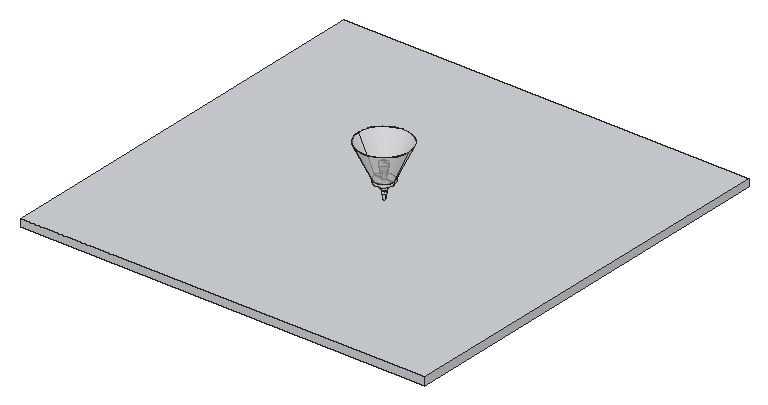
Revit family "11", category Lighting Fixtures, host Face, Revit 2014
Parameters (values of type "P500324-104")
  Watts = 60 W
  Wattage Comments = "60"
  Wattage = 60 W
  Warranty = "1 year Warranty"  # constant formula
  built-in parameter 1150110 = 1 (stored number, unit not read)
  Voltage = 120 V
  URL = "https://www.hubbell.com/progresslighting/en"
  built-in parameter 1114217 = 1 (stored number, unit not read)
  Tilt Angle = -90.00°
  built-in parameter 1150109 = 1 (stored number, unit not read)
  built-in parameter 1150134 = 3
  built-in parameter 1150113 = 1 (stored number, unit not read)
  Product Link = "https://www.hubbell.com/progresslighting/en/Products/Lighting-Controls/Residential-Indoor-Lighting/Pendants/Pendants-Lights/Hinton-Collection-1-Light-Polished-Nickel-Clear-Seeded-Glass-Vintage-Pendant-Hanging-Light/p/6643567"
  Product Documentation Link = "https://hubbellcdn.com/specsheet/PROG_P500324-104_spec.pdf"
  Power Factor = 1
  Photometric Web File = "generic.ies"
  Model = "P500324-104"  # constant formula
  Manufacturer = "Progress Lighting"  # constant formula
  built-in parameter 1150105 = 381.97 (stored number, unit not read)
  Lumens = 4800 lm
  built-in parameter 1150115 = 1 (stored number, unit not read)
  Load Classification = Lighting
  built-in parameter 1150137 = (empty or 0)
  built-in parameter 1150139 = (empty or 0)
  Gold = Hubbell - Gold
  Glass = Paint - Hubbell - White Texture
  Square = 12.00"
  built-in parameter 1150112 = 1 (stored number, unit not read)
  built-in parameter 1150114 = 1 (stored number, unit not read)
  Lamp = "LED or Medium Base"  # constant formula
  built-in parameter 1150132 = (empty or 0)
  built-in parameter 1150102 = (empty or 0)
  built-in parameter 1150107 = 3200 (stored number, unit not read)
  built-in parameter 1150138 = (empty or 0)
  built-in parameter 1150106 = 3.8197 (stored number, unit not read)
  Housing Material = Paint - Hubbell - Light Silver
  Fixture distribution = "Direct"  # constant formula
  Features = "Application: Embrace stylish simplicity with the Hinton Collection 1-Light Polished Nickel Clear Seeded Glass Vintage Hanging Pendant Light is ideal for any foyer, dining room, kitchen, breakfast nook, entryway, living room, or stairway.\r\nStyles: Perfect for farmhouse, transitional, and vintage electric style settings.\r\nFinish: The circular ceiling plate and industrial light base are coated in a crisp polished chrome finish.\r\nMaterials: Constructed from steel to ensure a long product lifespan.\r\nGlass/Shades: A light source glows from inside a clear seeded glass shade that provides effective task lighting wherever focused illumination is called upon.\r\nBulbs: For ideal illumination, use 1 medium base bulb that is sold separately (60w max - LED/CFL/incandescent). Compatible with dimmable bulbs.\r\nDimensions: Measures 12-inch diameter by 12-1/2-inch height.\r\nCertifications: cULus damp location listed.\r\nPairs With: Pairs with a variety of Progress Lighting fixtures.\r\nWarranty: Our 1-Year Limited Warranty guarantees your complete satisfaction with your purchase and includes professional after-sales customer service support."  # constant formula
  Height = 11.00"
  built-in parameter 1150104 = 7.4322 (stored number, unit not read)
  Dimming Lamp Color Temperature Shift = <None>
  Description = "Embrace stylish simplicity with the Hinton Collection 1-Light Polished Nickel Clear Seeded Glass Vintage Hanging Pendant Light. The circular ceiling plate and industrial light base are coated in a crisp polished chrome finish. A light source glows from inside a clear seeded glass shade that provides effective task lighting wherever focused illumination is called upon."  # constant formula
  Default Elevation = 48.00"
  Copyright = " ©2020 Progress Lighting, a division of Hubbell Lighting, Inc"  # constant formula
  Contact = "https://www.hubbell.com/progresslighting/en/contactUs"
  Connector Description = "Lighting Connector"  # constant formula
  Color Filter = 16777215
  built-in parameter 1114218 = 1 (stored number, unit not read)
  built-in parameter 1150133 = 10 (stored number, unit not read)
  Assembly Code = "D5020200"
  Apparent Load = Watts / Power Factor  # 60 VA
Reference planes (in)
  plane 1 "Center (Front/Back)": y = 0
  plane 2: z = 0.5561
  plane 3 "Center (Left/Right)": x = 0
  plane 4: x = -6
  plane 5: x = 6
  plane 6: z = 14.5561
  plane 7: y = -5.5
  plane 8: y = 5.5
  plane 9: z = 12.5561
Forms (in)
  Extrusion 1, solid
    sketch origin (0, 0, 0) x (1, 0, 0) y (0, 1, 0)
      loop
        line (-48, 48) -> (-48, -48) -> (48, -48) -> (48, 48) -> (-48, 48)
    from 0.5561 to -1.25
  Revolve 2, solid, material "Paint - Hubbell - Light Silver" <- "Housing Material"
    sketch origin (0.00307, -0.00024, -2.52627) x (-1, 0, 0) y (0, 0, -1)
      loop
        line (0.00307, -3.58418) -> (0.00307, -3.08238) -> (0.30363, -3.08238) -> (0.30363, -4.20918)
        arc (0.30363, -4.20918) -> (0.55363, -4.45918) -> (0.30363, -4.70918) r 0.25
        line (0.30363, -4.70918) -> (0.30363, -5.33418) -> (0.75333, -5.33418) -> (0.75333, -6.68773) -> (2.25333, -6.68773) -> (2.25333, -7.18773) -> (0.50333, -7.18773) -> (0.50333, -7.43773) -> (0, -7.43773) -> (0, -3.58418)
      axis (0, -7.43773) -> (0, -3.08238)
    angle from 0 to 360
  Revolve 3, solid, material "Paint - Hubbell - White Texture"
    sketch origin (0.00307, -0.00024, -2.52627) x (-1, 0, 0) y (0, 0, -1)
      loop
        line (0, -7.43773) -> (0, -11.05003)
        arc (0, -11.05003) -> (0.08426, -11.02863) -> (0.15482, -10.97783) r 0.23304
        arc (0.15482, -10.97783) -> (0.27197, -10.95733) -> (0.37725, -10.90201) r 0.38452
        spline (0.37725, -10.90201) -> (0.55783, -10.86565) -> (0.69306, -10.83874) -> (0.79249, -10.8173) -> (0.86567, -10.79732) -> (0.92213, -10.7748) -> (0.96967, -10.74642) -> (1.01039, -10.71107) -> (1.04531, -10.66809) -> (1.07537, -10.61677) -> (1.09858, -10.55417) -> (1.10802, -10.47352) -> (1.09627, -10.36772)
        line (1.09627, -10.36772) -> (0.52673, -7.43773) -> (0, -7.43773)
      axis (0, -11.05003) -> (0, -7.43773)
    angle from 0 to 360
  Revolve 4, solid, material "Paint - Hubbell - White Texture" <- "Glass"
    sketch origin (0.00307, -0.00024, -2.52627) x (-1, 0, 0) y (0, 0, -1)
      loop
        line (0, -7.43773) -> (-0.14062, -7.43773) -> (-0.14062, -7.68773) -> (-0.3174, -7.86451) -> (-0.3174, -8.11451) -> (-0.0674, -8.11451) -> (-0.0674, -10.36451) -> (-0.0674, -10.55091)
        arc (-0.0674, -10.55091) -> (-0.07712, -10.57767) -> (-0.10174, -10.59197) r 0.04171
        arc (-0.10174, -10.59197) -> (-0.13207, -10.62395) -> (-0.11058, -10.66244) r 0.0372
        line (-0.11058, -10.66244) -> (0, -10.66244) -> (0, -10.56087) -> (0, -7.43773)
      axis (0, -7.43773) -> (0, -10.66244)
    angle from 0 to 360
  Revolve 5, solid, material "Hubbell - Gold" <- "Gold"
    sketch origin (0.00307, -0.00024, -2.52627) x (-1, 0, 0) y (0, 0, -1)
      loop
        line (-0.47346, -8.28115) -> (-0.51834, -8.28115) -> (-0.66329, -10.35395) -> (-0.61841, -10.35395) -> (-0.47346, -8.28115)
      axis (-0.61862, -10.35707) -> (-0.47346, -8.28115)
    angle from 0 to 360
  Revolve 6, solid, material "Hubbell - Gold" <- "Gold"
    sketch origin (0.00307, -0.00024, -2.52627) x (1, 0, 0) y (0, 0, 1)
      loop
        line (-0.47346, 8.28115) -> (-0.62235, 10.41041) -> (-0.66723, 10.41041) -> (-0.51834, 8.28115) -> (-0.47346, 8.28115)
      axis (-0.62257, 10.41353) -> (-0.47346, 8.28115)
    angle from 0 to 360
  Revolve 7, solid, material "Hubbell - Gold" <- "Gold"
    sketch origin (0.00307, -0.00024, -2.52627) x (0, 1, 0) y (0, 0, -1)
      loop
        line (-0.47346, -8.28115) -> (-0.51834, -8.28115) -> (-0.66522, -10.38161) -> (-0.62034, -10.38161) -> (-0.47346, -8.28115)
      axis (-0.62056, -10.38473) -> (-0.47346, -8.28115)
    angle from 0 to 360
  Revolve 8, solid, material "Hubbell - Gold" <- "Gold"
    sketch origin (0.00307, -0.00024, -2.52627) x (0, -1, 0) y (0, 0, 1)
      loop
        line (-0.47346, 8.28115) -> (-0.62117, 10.39346) -> (-0.66605, 10.39346) -> (-0.51834, 8.28115) -> (-0.47346, 8.28115)
      axis (-0.62139, 10.39659) -> (-0.47346, 8.28115)
    angle from 0 to 360
  Sweep 9, solid, material "Paint - Hubbell - White Texture" <- "Glass"
    path origin (-0.0135, -0.00024, -3.02627) x (-1, 0, 0) y (0, 0, -1)
      loop
        line (0.61067, -10.88516) -> (0.61067, -10.98257)
        arc (0.61067, -10.98257) -> (0.57513, -11.06837) -> (0.48933, -11.10391) r 0.12134
        line (0.48933, -11.10391) -> (0.04812, -11.10391)
    profile origin (-0.62417, -0.00024, 7.90759) x (-1, 0, 0) y (0, -1, 0)
      loop
        circle (0, 0.00095) r 0.031
  Sweep 10, solid, material "Paint - Hubbell - White Texture" <- "Glass"
    path origin (0.01964, -0.00024, -3.02627) x (1, 0, 0) y (0, 0, 1)
      loop
        line (0.61067, 10.88516) -> (0.61067, 10.98257)
        arc (0.61067, 10.98257) -> (0.57513, 11.06837) -> (0.48933, 11.10391) r 0.12134
        line (0.48933, 11.10391) -> (0.04812, 11.10391)
    profile origin (0.63031, -0.00024, 7.90759) x (-1, 0, 0) y (0, -1, 0)
      loop
        circle (0, 0.00095) r 0.031
  Sweep 11, solid, material "Paint - Hubbell - White Texture" <- "Glass"
    path origin (0.00212, -0.01776, -3.02627) x (0, -1, 0) y (0, 0, -1)
      loop
        line (0.61067, -10.88516) -> (0.61067, -10.98257)
        arc (0.61067, -10.98257) -> (0.57513, -11.06837) -> (0.48933, -11.10391) r 0.12134
        line (0.48933, -11.10391) -> (0.04812, -11.10391)
    profile origin (0.00212, -0.62843, 7.90759) x (0, -1, 0) y (1, 0, 0)
      loop
        circle (0, 0.00095) r 0.031
  Sweep 12, solid, material "Paint - Hubbell - White Texture" <- "Glass"
    path origin (0.00212, 0.01539, -3.02627) x (0, 1, 0) y (0, 0, 1)
      loop
        line (0.61067, 10.88516) -> (0.61067, 10.98257)
        arc (0.61067, 10.98257) -> (0.57513, 11.06837) -> (0.48933, 11.10391) r 0.12134
        line (0.48933, 11.10391) -> (0.04812, 11.10391)
    profile origin (0.00212, 0.62606, 7.90759) x (0, -1, 0) y (1, 0, 0)
      loop
        circle (0, 0.00095) r 0.031
  Sweep 13, solid, material "Paint - Hubbell - White Texture" <- "Glass"
    path origin (-0.0135, -0.00024, 16.70798) x (-1, 0, 0) y (0, 0, -1)
      loop
        line (0.45442, 10.88516) -> (0.45442, 10.98257)
        arc (0.45442, 10.98257) -> (0.41888, 11.06837) -> (0.33308, 11.10391) r 0.12134
        line (0.33308, 11.10391) -> (0.04812, 11.10391)
    profile origin (-0.46792, -0.00024, 5.77411) x (0, -1, 0) y (1, 0, 0)
      loop
        circle (0.00095, 0) r 0.031
  Sweep 14, solid, material "Paint - Hubbell - White Texture" <- "Glass"
    path origin (0.01964, -0.00024, 16.70798) x (1, 0, 0) y (0, 0, 1)
      loop
        line (0.45442, -10.88516) -> (0.45442, -10.98257)
        arc (0.45442, -10.98257) -> (0.41888, -11.06837) -> (0.33308, -11.10391) r 0.12134
        line (0.33308, -11.10391) -> (0.04812, -11.10391)
    profile origin (0.47406, -0.00024, 5.77411) x (0, -1, 0) y (1, 0, 0)
      loop
        circle (0.00095, 0) r 0.031
  Sweep 15, solid, material "Paint - Hubbell - White Texture" <- "Glass"
    path origin (0.00212, -0.01776, 16.70798) x (0, -1, 0) y (0, 0, -1)
      loop
        line (0.45442, 10.88516) -> (0.45442, 10.98257)
        arc (0.45442, 10.98257) -> (0.41888, 11.06837) -> (0.33308, 11.10391) r 0.12134
        line (0.33308, 11.10391) -> (0.04812, 11.10391)
    profile origin (0.00212, -0.47218, 5.77411) x (1, 0, 0) y (0, 1, 0)
      loop
        circle (0.00095, 0) r 0.031
  Sweep 16, solid, material "Paint - Hubbell - White Texture" <- "Glass"
    path origin (0.00212, 0.01539, 16.70798) x (0, 1, 0) y (0, 0, 1)
      loop
        line (0.45442, -10.88516) -> (0.45442, -10.98257)
        arc (0.45442, -10.98257) -> (0.41888, -11.06837) -> (0.33308, -11.10391) r 0.12134
        line (0.33308, -11.10391) -> (0.04812, -11.10391)
    profile origin (0.00212, 0.46981, 5.77411) x (1, 0, 0) y (0, 1, 0)
      loop
        circle (0.00095, 0) r 0.031
  Revolve 17, solid, material "Paint - Hubbell - White Texture" <- "Glass"
    sketch origin (0, 0, 0) x (1, 0, 0) y (0, 0, 1)
      loop
        line (0.00307, 4.66146) -> (2.2564, 4.66146) -> (6.04472, 12.5561) -> (5.94317, 12.5561) -> (2.20285, 4.76146) -> (0.00307, 4.76146) -> (0.00307, 4.66146)
      axis (0, 4.66146) -> (0, 12.5561)
    angle from 0 to 360
Dimensions and locks (in)
  "Square": plane 4 to plane 5
  equal spacing: plane 4, plane 3 "Center (Left/Right)", plane 5
  equal spacing: plane 7, plane 1 "Center (Front/Back)", plane 8
  "Height": plane 7 to plane 8
  aligned and locked: plane 2 to Extrusion 1
Automatic sketch dimensions
  Extrusion 1 sketch curve to Extrusion 1 sketch curve = 96.00"  (x2)
  plane 3 "Center (Left/Right)" to Revolve 4 sketch curve = 0.32047"
  plane 3 "Center (Left/Right)" to Revolve 4 sketch curve = 0.1437"
  plane 3 "Center (Left/Right)" to Revolve 4 sketch curve = 0.11365"
  Revolve 4 sketch curve to Revolve 4 sketch curve = 0.00146"
  Revolve 4 sketch curve to Revolve 4 sketch curve = 0.01542"
  plane 3 "Center (Left/Right)" to Revolve 4 sketch curve = 0.07047"
  Revolve 4 sketch curve to Revolve 4 sketch curve = 0.09516"
  Revolve 4 sketch curve to Revolve 4 sketch curve = 0.03385"
  Revolve 4 sketch curve to Revolve 4 sketch curve = 0.10157"
  Revolve 4 sketch curve to Revolve 4 sketch curve = 0.00996"
  Revolve 4 sketch curve to Revolve 4 sketch curve = 0.1864"
  Revolve 4 sketch curve to Revolve 4 sketch curve = 2.25"
  Revolve 4 sketch curve to Revolve 4 sketch curve = 0.25"  (x2)
  Revolve 4 sketch curve to Revolve 4 sketch curve = 0.17678"
  plane 3 "Center (Left/Right)" to Revolve 4 sketch curve = 0.00307"
  Revolve 4 sketch curve to Revolve 4 sketch curve = 0.00"
  plane 3 "Center (Left/Right)" to Revolve 5 sketch curve = 0.66636"
  Revolve 5 sketch curve to Revolve 5 sketch curve = 0.04488"  (x2)
  plane 3 "Center (Left/Right)" to Revolve 5 sketch curve = 0.52141"
  Revolve 5 sketch curve to Revolve 5 sketch curve = 2.0728"
  Revolve 5 sketch curve to Revolve 5 sketch curve = 0.00817"
  Revolve 5 sketch curve to Revolve 5 sketch curve = 0.00483"
  Revolve 5 sketch curve to Revolve 5 sketch curve = 0.52497"
  Revolve 5 sketch curve to Revolve 5 sketch curve = 0.06901"
  Revolve 6 sketch curve to plane 3 "Center (Left/Right)" = 0.66416"
  Revolve 6 sketch curve to Revolve 6 sketch curve = 0.04488"  (x2)
  Revolve 6 sketch curve to plane 3 "Center (Left/Right)" = 0.51527"
  plane 2 to Revolve 6 sketch curve = 5.19877"
  Revolve 6 sketch curve to Revolve 6 sketch curve = 2.12926"
  Revolve 6 sketch curve to Revolve 6 sketch curve = 0.01212"
  Revolve 6 sketch curve to Revolve 6 sketch curve = 0.00483"
  Revolve 6 sketch curve to Revolve 6 sketch curve = 0.06901"
  Revolve 6 sketch curve to Revolve 6 sketch curve = 0.46851"
  plane 1 "Center (Front/Back)" to Revolve 7 sketch curve = 0.66546"
  Revolve 7 sketch curve to Revolve 7 sketch curve = 0.04488"  (x2)
  plane 1 "Center (Front/Back)" to Revolve 7 sketch curve = 0.51858"
  Revolve 7 sketch curve to Revolve 7 sketch curve = 2.10046"
  Revolve 7 sketch curve to Revolve 7 sketch curve = 0.01011"
  Revolve 7 sketch curve to Revolve 7 sketch curve = 0.00483"
  Revolve 7 sketch curve to Revolve 7 sketch curve = 0.49731"
  Revolve 7 sketch curve to Revolve 7 sketch curve = 0.06901"
  Revolve 8 sketch curve to plane 1 "Center (Front/Back)" = 0.66581"
  Revolve 8 sketch curve to Revolve 8 sketch curve = 0.04488"  (x2)
  Revolve 8 sketch curve to plane 1 "Center (Front/Back)" = 0.5181"
  plane 2 to Revolve 8 sketch curve = 5.19877"
  Revolve 8 sketch curve to Revolve 8 sketch curve = 2.11231"
  Revolve 8 sketch curve to Revolve 8 sketch curve = 0.01094"
  Revolve 8 sketch curve to Revolve 8 sketch curve = 0.00483"
  Revolve 8 sketch curve to Revolve 8 sketch curve = 0.06901"
  Revolve 8 sketch curve to Revolve 8 sketch curve = 0.48545"
  Sweep 9 sketch curve to plane 3 "Center (Left/Right)" = 0.50283"
  Sweep 9 sketch curve to Sweep 9 sketch curve = 0.12134"
  Sweep 9 sketch curve to plane 3 "Center (Left/Right)" = 0.06162"
  Sweep 9 sketch curve to Sweep 9 sketch curve = 0.09741"
  Sweep 9 sketch curve to profile plane = 0.00"
  profile plane to Sweep 9 sketch curve = 0.00095"
  plane 3 "Center (Left/Right)" to Sweep 10 sketch curve = 0.50897"
  Sweep 10 sketch curve to Sweep 10 sketch curve = 0.12134"
  plane 3 "Center (Left/Right)" to Sweep 10 sketch curve = 0.06776"
  Sweep 10 sketch curve to Sweep 10 sketch curve = 0.09741"
  Sweep 10 sketch curve to profile plane = 0.00"
  profile plane to Sweep 10 sketch curve = 0.00095"
  plane 1 "Center (Front/Back)" to Sweep 11 sketch curve = 0.50709"
  Sweep 11 sketch curve to Sweep 11 sketch curve = 0.12134"
  plane 1 "Center (Front/Back)" to Sweep 11 sketch curve = 0.06588"
  Sweep 11 sketch curve to Sweep 11 sketch curve = 0.09741"
  Sweep 11 sketch curve to profile plane = 0.00"
  profile plane to Sweep 11 sketch curve = 0.00095"
  Sweep 12 sketch curve to plane 1 "Center (Front/Back)" = 0.50471"
  Sweep 12 sketch curve to Sweep 12 sketch curve = 0.12134"
  Sweep 12 sketch curve to plane 1 "Center (Front/Back)" = 0.06351"
  Sweep 12 sketch curve to Sweep 12 sketch curve = 0.09741"
  Sweep 12 sketch curve to profile plane = 0.00"
  profile plane to Sweep 12 sketch curve = 0.00095"
  Sweep 13 sketch curve to plane 3 "Center (Left/Right)" = 0.34658"
  Sweep 13 sketch curve to Sweep 13 sketch curve = 0.12134"
  plane 2 to Sweep 13 sketch curve = 5.16931"
  Sweep 13 sketch curve to plane 3 "Center (Left/Right)" = 0.06162"
  Sweep 13 sketch curve to Sweep 13 sketch curve = 0.09741"
  Sweep 13 sketch curve to profile plane = 0.00"
  profile plane to Sweep 13 sketch curve = 0.00095"
  plane 3 "Center (Left/Right)" to Sweep 14 sketch curve = 0.35272"
  Sweep 14 sketch curve to Sweep 14 sketch curve = 0.12134"
  plane 2 to Sweep 14 sketch curve = 5.04796"
  plane 3 "Center (Left/Right)" to Sweep 14 sketch curve = 0.06776"
  Sweep 14 sketch curve to Sweep 14 sketch curve = 0.09741"
  Sweep 14 sketch curve to profile plane = 0.00"
  profile plane to Sweep 14 sketch curve = 0.00095"
  plane 1 "Center (Front/Back)" to Sweep 15 sketch curve = 0.35084"
  Sweep 15 sketch curve to Sweep 15 sketch curve = 0.12134"
  plane 2 to Sweep 15 sketch curve = 5.16931"
  plane 1 "Center (Front/Back)" to Sweep 15 sketch curve = 0.06588"
  Sweep 15 sketch curve to Sweep 15 sketch curve = 0.09741"
  profile plane to Sweep 15 sketch curve = 0.00"
  profile plane to Sweep 15 sketch curve = 0.00095"
  Sweep 16 sketch curve to plane 1 "Center (Front/Back)" = 0.34846"
  Sweep 16 sketch curve to Sweep 16 sketch curve = 0.12134"
  plane 2 to Sweep 16 sketch curve = 5.04796"
  Sweep 16 sketch curve to plane 1 "Center (Front/Back)" = 0.06351"
  Sweep 16 sketch curve to Sweep 16 sketch curve = 0.09741"
  profile plane to Sweep 16 sketch curve = 0.00"
  profile plane to Sweep 16 sketch curve = 0.00095"
  plane 3 "Center (Left/Right)" to Revolve 3 sketch curve = 0.0173"
  Revolve 3 sketch curve to plane 3 "Center (Left/Right)" = 0.14484"
  Revolve 3 sketch curve to plane 3 "Center (Left/Right)" = 0.52366"
  Revolve 3 sketch curve to Revolve 3 sketch curve = 0.94836"
  Revolve 3 sketch curve to Revolve 3 sketch curve = 0.22404"
  plane 3 "Center (Left/Right)" to Revolve 3 sketch curve = 0.00307"  (x2)
  Revolve 3 sketch curve to plane 3 "Center (Left/Right)" = 0.15175"
  Revolve 3 sketch curve to Revolve 3 sketch curve = 0.22244"
  Revolve 3 sketch curve to Revolve 3 sketch curve = 0.23261"
  plane 6 to Revolve 3 sketch curve = 10.5618"
  Revolve 3 sketch curve to level = 26.52627"
  Revolve 3 sketch curve to plane 6 = 6.03235"
  Revolve 3 sketch curve to Revolve 3 sketch curve = 0.53429"
  Revolve 3 sketch curve to Revolve 3 sketch curve = 2.92999"
  Revolve 4 sketch curve to plane 6 = 6.41994"
  Revolve 4 sketch curve to plane 6 = 0.89464"
  Revolve 5 sketch curve to plane 6 = 6.72843"
  Revolve 7 sketch curve to plane 6 = 6.70077"
  Sweep 9 sketch curve to plane 6 = 6.47846"
  Sweep 10 sketch curve to plane 6 = 6.59981"
  Sweep 11 sketch curve to plane 6 = 6.47846"
  Sweep 12 sketch curve to plane 6 = 6.59981"
  Revolve 2 sketch curve to plane 2 = 0.00"
  Revolve 2 sketch curve to plane 3 "Center (Left/Right)" = 0.00"
  plane 3 "Center (Left/Right)" to Revolve 2 sketch curve = 0.00307"  (x2)
  Revolve 2 sketch curve to plane 3 "Center (Left/Right)" = 0.30056"
  Revolve 2 sketch curve to plane 3 "Center (Left/Right)" = 0.50026"
  Revolve 2 sketch curve to Revolve 2 sketch curve = 0.4497"
  Revolve 2 sketch curve to Revolve 2 sketch curve = 1.50"
  Revolve 2 sketch curve to Revolve 2 sketch curve = 1.1268"
  Revolve 2 sketch curve to Revolve 2 sketch curve = 0.25"  (x2)
  Revolve 2 sketch curve to Revolve 2 sketch curve = 0.625"
  Revolve 2 sketch curve to Revolve 2 sketch curve = 1.35355"
  Revolve 2 sketch curve to Revolve 2 sketch curve = 0.50"
  Revolve 2 sketch curve to Revolve 2 sketch curve = 0.5018"
  Revolve 2 sketch curve to Revolve 2 sketch curve = 0.00"  (x2)
  plane 6 to Revolve 2 sketch curve = 10.5618"
  Revolve 17 sketch curve to plane 3 "Center (Left/Right)" = 0.00"
  Revolve 17 sketch curve to plane 9 = 0.00"
  plane 3 "Center (Left/Right)" to Revolve 17 sketch curve = 0.00307"
  Revolve 17 sketch curve to Revolve 17 sketch curve = 2.25333"
  Revolve 17 sketch curve to plane 5 = 0.05683"
  plane 5 to Revolve 17 sketch curve = 0.04472"
  plane 2 to Revolve 17 sketch curve = 4.20536"
  Revolve 17 sketch curve to Revolve 17 sketch curve = 0.10"
  Revolve 17 sketch curve to Revolve 17 sketch curve = 0.05356"
  plane 6 to Revolve 17 sketch curve = 9.00"
  Revolve 17 sketch curve to Revolve 17 sketch curve = 34.00"
  radius of Sweep 9 sketch curve = 0.031"
  radius of Sweep 10 sketch curve = 0.031"
  radius of Sweep 11 sketch curve = 0.031"
  radius of Sweep 12 sketch curve = 0.031"
  radius of Sweep 13 sketch curve = 0.031"
  radius of Sweep 14 sketch curve = 0.031"
  radius of Sweep 15 sketch curve = 0.031"
  radius of Sweep 16 sketch curve = 0.031"
Connectors (in)
  electrical at (0.00409, -0.00024, 0.5561), driven by "Voltage", driven by "Apparent Load", driven by "Power Factor", driven by "Connector Description", driven by "Load Classification"
    settings: on Revolve 2, index 1, voltage 120 V, apparent load 60 VA, apparent load phase1 0 VA, apparent load phase2 0 VA, apparent load phase3 0 VA, power factor 1, load classification "Lighting", number of poles 1, system type 30, power factor state 1, is connector primary yes, connector utility no, sub classification motor no, connector description "Lighting Connector"
